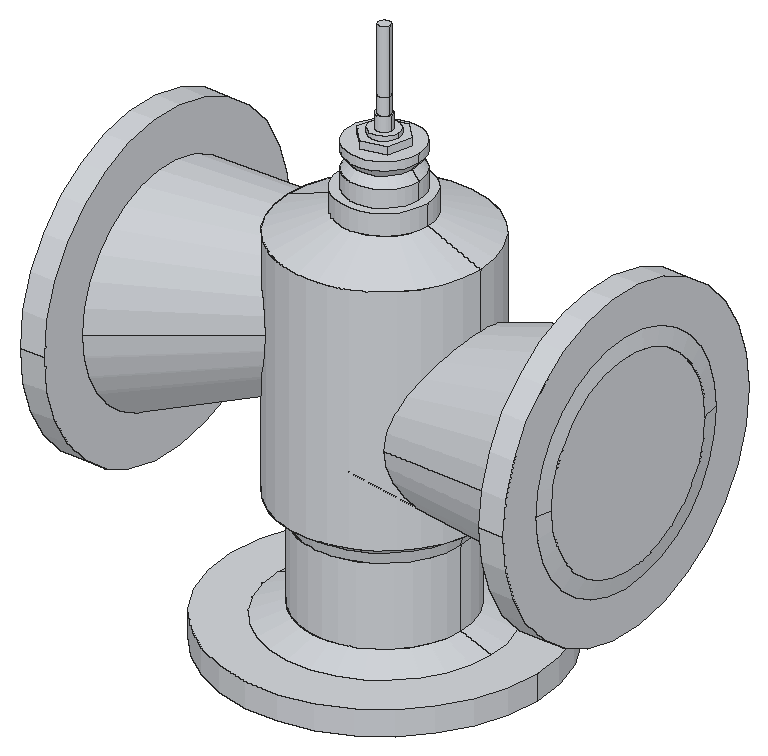
Revit family "3FGB_PN16_DN100_RFA_2018", category Pipe Accessories, Revit 2018
Family settings
  Round Connector Dimension = Use Diameter
  Part Type = Valve - Breaks Into
  Work Plane-Based = No
  Always vertical = Yes
  Cut with Voids When Loaded = No
  Shared = No
Parameters (values of type "3FGB PN16 DN100")
  magiProductId = ""
  magiProductFamilyId = ""
  magiPartTypeId = 320
  isMeasuringValve [instance] = no
  ang2D [instance] = 0.00°
  Z9 = 4.165 mm
  Z8 = 5.602 mm
  Z7 = 3 mm
  Z6 = 5.95 mm
  Z5 = 5.95 mm
  Z4 = 11.9 mm
  Z3 = 166.225 mm
  Z19 = 9.767 mm
  Z18 = 29.25 mm
  Z17 = 4.5 mm
  Z16 = 11.25 mm
  Z15 = 40.775 mm
  Z14__ve = -Z14  # -14.562 mm
  Z14 = 14.562 mm
  Z13 = 7.885 mm
  Z12 = 55.195 mm
  Z11 = 72 mm
  Z10 = 5.082 mm
  Y1 = 62.28 mm
  X4 = 17.3 mm
  X3 = 27.68 mm
  X2__ve = -X2  # -17.3 mm
  X2 = 17.3 mm
  X1 = 2 mm
  W2D = 100 mm
  VersionID = ""
  Use Minimum Symbol Size [instance] = no
  URL = "www.hydronix.cz"
  Type Comments = "Přírubový; EQM charakteristika ve směru A-AB; PN16; -10~+150°C"
  R9 = 4 mm
  R8 = 7.567 mm
  R7 = 10.089 mm
  R6 = 16.816 mm
  R5 = 19.93 mm
  R4 = 24.912 mm
  R3 = 31.14 mm
  R2 = 57.375 mm
  R13 = 55.08 mm
  R12 = 5.297 mm
  R11 = 10.215 mm
  R10 = 6.81 mm
  R1 = 45.9 mm
  QmdConnectorList = "301;D;302;D;303;D"
  Productdata [instance] = ""
  N = 8
  Manufacturer = "Hydronix"
  Maintenance Zone Under Depth [instance] = 207 mm
  Maintenance Zone Right Depth [instance] = 175 mm
  Maintenance Zone Over Depth [instance] = 221 mm
  Maintenance Zone Left Depth [instance] = 175 mm
  Maintenance Zone Front Depth [instance] = 110 mm
  Maintenance Zone Back Depth [instance] = 110 mm
  Maintenance Zone Front Visibility [instance] = no
  MT = 2
  MC Product Code = "3FGB100 (DN100; PN16; kvs130)"
  MC = yes
  LT2 = 175 mm
  L2D_Min = 30.48 mm
  L2D = 350 mm
  L = 350 mm
  HD = 18 mm
  HCDT2 = 76.5 mm
  HCD = 180 mm
  H4 = 175 mm
  H3 = 116.5 mm
  H2 = 45 mm
  H1 = 176 mm
  FDT2 = 110 mm
  FD = 220 mm
  Description = "3 cestný regulační ventil přírubový; DN100; PN16; kvs130; zdvih 45mm"
  DT2 = 50 mm
  D4 = 68.85 mm
  D3 = 81 mm
  D2 = 69.2 mm
  D = 100 mm
  CenSd_R6_6 = R6 * cos(30.00°)  # 14.563 mm
  Clearance Zone Height Depth [instance] = 221 mm
  Clearance Zone Circular Radius [instance] = 175 mm
  Clearance Zone Visibility [instance] = no
  CAT0 = yes
  CAT = no
  Assembly Code = ""
  A1 = 132.98 mm
Types (5, lengths in mm): name | Z9 | Z8 | Z6 | Z5 | Z4 | Z3 | Z19 | Z18 | Z17 | Z16 | Z15 | Z14__ve | Z14 | Z13 | Z12 | Z11 | Z10 | Y1 | X4 | X3 | X2__ve | X2 | W2D | R8 | R7 | R6 | R5 | R4 | R3 | R2 | R13 | R12 | R11 | R10 | R1 | N | Maintenance Zone Under Depth | Maintenance Zone Right Depth | Maintenance Zone Over Depth | Maintenance Zone Left Depth | Maintenance Zone Front Depth | Maintenance Zone Back Depth | MC Product Code | LT2 | L2D | L | HD | HCDT2 | HCD | H4 | H3 | H2 | H1 | FDT2 | FD | Description | DT2 | D4 | D3 | D2 | D | CenSd_R6_6 | Clearance Zone Height Depth | Clearance Zone Circular Radius | A1
  3FGB PN16 DN100 | 4.165 | 5.602 | 5.95 | 5.95 | 11.9 | 166.225 | 9.767 | 29.25 | 4.5 | 11.25 | 40.775 | -14.562 | 14.562 | 7.885 | 55.195 | 72 | 5.082 | 62.28 | 17.3 | 27.68 | -17.3 | 17.3 | 100 | 7.567 | 10.089 | 16.816 | 19.93 | 24.912 | 31.14 | 57.375 | 55.08 | 5.297 | 10.215 | 6.81 | 45.9 | 8 | 207 | 175 | 221 | 175 | 110 | 110 | "3FGB100 (DN100; PN16; kvs130)" | 175 | 350 | 350 | 18 | 76.5 | 180 | 175 | 116.5 | 45 | 176 | 110 | 220 | "3 cestný regulační ventil přírubový; DN100; PN16; kvs130; zdvih 45mm" | 50 | 68.85 | 81 | 69.2 | 100 | 14.563 | 221 | 175 | 132.98
  3FGB PN16 DN125 | 4.2 | 5.7 | 6 | 6 | 12 | 194.35 | 9.9 | 29.25 | 4.5 | 11.25 | 48.65 | -17.375 | 17.375 | 9.01 | 63.07 | 84 | 5.1 | 71.28 | 19.8 | 31.68 | -19.8 | 19.8 | 125 | 8.661 | 11.547 | 19.246 | 22.81 | 28.512 | 35.64 | 68.625 | 65.88 | 6.062 | 11.692 | 7.794 | 54.9 | 8 | 234 | 200 | 244 | 200 | 125 | 125 | "3FGB125 (DN125; PN16; kvs200)" | 200 | 400 | 400 | 18 | 91.5 | 210 | 200 | 139 | 45 | 199 | 125 | 250 | "3 cestný regulační ventil přírubový; DN125; PN16; kvs200; zdvih 45mm" | 62.5 | 81.6 | 96 | 79.2 | 125 | 16.667 | 244 | 200 | 155.48
  3FGB PN16 DN150 | 4.2 | 5.7 | 6 | 6 | 12 | 225.85 | 9.9 | 29.25 | 4.5 | 11.25 | 54.95 | -19.625 | 19.625 | 10.81 | 75.67 | 96 | 5.1 | 85.68 | 23.8 | 38.08 | -23.8 | 23.8 | 150 | 10.41 | 13.88 | 23.134 | 27.418 | 34.272 | 42.84 | 77.625 | 74.52 | 7.287 | 14.054 | 9.369 | 62.1 | 8 | 277 | 240 | 262 | 240 | 142.5 | 142.5 | "3FGB150 (DN150; PN16; kvs300)" | 240 | 480 | 480 | 22 | 103.5 | 240 | 240 | 157 | 45 | 217 | 142.5 | 285 | "3 cestný regulační ventil přírubový; DN150; PN16; kvs300; zdvih 45mm" | 75 | 92.65 | 109 | 95.2 | 150 | 20.034 | 262 | 240 | 180.68
  3FGB PN16 DN065 | 4.2 | 5.7 | 6 | 6 | 12 | 136.6 | 9.9 | 16.25 | 2.5 | 6.25 | 33.25 | -11.875 | 11.875 | 6.535 | 45.745 | 58 | 5.1 | 51.48 | 14.3 | 22.88 | -14.3 | 14.3 | 65 | 6.255 | 8.34 | 13.9 | 16.474 | 20.592 | 25.74 | 44.25 | 42.48 | 4.378 | 8.444 | 5.629 | 35.4 | 4 | 175 | 145 | 180 | 145 | 92.5 | 92.5 | "3FGB65 (DN65; PN16; kvs63)" | 145 | 290 | 290 | 18 | 59 | 145 | 145 | 95 | 25 | 155 | 92.5 | 185 | "3 cestný regulační ventil přírubový; DN65; PN16; kvs63; zdvih 25mm" | 32.5 | 53.975 | 63.5 | 57.2 | 65 | 12.037 | 180 | 145 | 109.28
  3FGB PN16 DN080 | 4.2 | 5.7 | 6 | 6 | 12 | 148.6 | 9.9 | 29.25 | 4.5 | 11.25 | 36.75 | -13.125 | 13.125 | 6.985 | 48.895 | 64 | 5.1 | 55.08 | 15.3 | 24.48 | -15.3 | 15.3 | 80 | 6.692 | 8.923 | 14.872 | 17.626 | 22.032 | 27.54 | 49.875 | 47.88 | 4.685 | 9.034 | 6.023 | 39.9 | 4 | 187 | 155 | 210 | 155 | 100 | 100 | "3FGB80 (DN80; PN16; kvs100)" | 155 | 310 | 310 | 18 | 66.5 | 160 | 155 | 105 | 45 | 165 | 100 | 200 | "3 cestný regulační ventil přírubový; DN80; PN16; kvs100; zdvih 45mm" | 40 | 60.35 | 71 | 61.2 | 80 | 12.879 | 210 | 155 | 118.88
Reference planes
  plane 1 "Center (Front/Back)": y = 0
  plane 2 "XYPLANE": z = 0
  plane 3 "Center (Left/Right)": x = 0
  plane 4 "227": z = -207
  plane 5 "226": y = 110
  plane 6 "225": y = -110
  plane 7 "224": x = 175
  plane 8 "223": x = -175
  plane 9 "222": z = 221
  plane 10 "182": z = 176
  plane 11 "161": z = 164.1
  plane 12 "158": z = 158.498
  plane 13 "150": z = 154.333
  plane 14 "148": z = 151.333
  plane 15 "142": z = 146.25
  plane 16 "136": z = 140.3
  plane 17 "135": z = 134.35
  plane 18 "131": z = 128.4
  plane 19 "78": z = 87.375
  plane 20 "77": z = 101.937
  plane 21 "74": z = 116.5
  plane 22 "70": z = -78.85
  plane 23 "65": z = -86.735
  plane 24 "64": z = -94.62
  plane 25 "58": z = -149.815
  plane 26 "57": z = -157.7
  plane 27 "46": z = -175
  plane 28 "28": x = 155.7
  plane 29 "27": x = 173
  plane 30 "21": z = -20
  plane 31 "16": z = 40.775
  plane 32 "13": x = -155.7
  plane 33 "7": x = -173
  plane 34 "6": x = 175
  plane 35 "5": x = -175
  plane 36 "3": y = 0
  plane 37 "2": z = 0
  plane 38 "1": x = 0
Forms (mm)
  Extrusion 1, solid, visible <- "Clearance Zone Visibility"
    sketch origin (-750, 0, 0) x (1, 0, 0) y (0, 1, 0)
      loop
        circle (750, 0) r 175
    from 0 to 221 <- "Clearance Zone Height Depth"
  Blend 2, solid, visible <- "Maintenance Zone Front Visibility"
    base sketch origin (-750, 0, 221) x (1, 0, 0) y (0, 1, 0)
      loop
        line (575, 110) -> (575, -110) -> (925, -110) -> (925, 110) -> (575, 110)
    top sketch origin (-750, 0, 221) x (1, 0, 0) y (0, 1, 0)
      loop
        line (575, 110) -> (575, -110) -> (925, -110) -> (925, 110) -> (575, 110)
    from 0 to -428
  Extrusion 3, solid
    sketch origin (-750, 0, 154.333) x (1, 0, 0) y (0, 1, 0)
      loop
        circle (750, 0) r 5.297
    from 0 to 9.767 <- "Z19"
  Extrusion 4, solid
    sketch origin (-750, 0, 176) x (1, 0, 0) y (0, 1, 0)
      loop
        circle (750, 0) r 4
    from 0 to 45 <- "H2"
  Extrusion 5, solid
    sketch origin (-750, 0, 164.1) x (1, 0, 0) y (0, 1, 0)
      loop
        circle (750, 0) r 4
    from 0 to 11.9 <- "Z4"
  Extrusion 6, solid
    sketch origin (-750, 0, 151.333) x (1, 0, 0) y (0, 1, 0)
      loop
        circle (750, 0) r 10.089
    from 0 to 3 <- "Z7"
  Extrusion 7, solid
    sketch origin (-750, 0, 146.25) x (1, 0, 0) y (0, 1, 0)
      loop
        line (761.89, -11.89) -> (766.243, 4.352) -> (754.352, 16.243) -> (738.11, 11.89) -> (733.757, -4.352) -> (745.648, -16.243) -> (761.89, -11.89)
    from 0 to 5.082 <- "Z10"
  Extrusion 8, solid
    sketch origin (-750, 0, 140.3) x (1, 0, 0) y (0, 1, 0)
      loop
        circle (750, 0) r 24.912
    from 0 to 5.95 <- "Z6"
  Blend 9, solid
    base sketch origin (-750, 0, 134.35) x (1, 0, 0) y (0, 1, 0)
      loop
        circle (750, 0) r 19.93
    top sketch origin (-750, 0, 134.35) x (1, 0, 0) y (0, 1, 0)
      loop
        circle (750, 0) r 24.912
    from 0 to 5.95
  Blend 10, solid
    base sketch origin (-750, 0, 128.4) x (1, 0, 0) y (0, 1, 0)
      loop
        circle (750, 0) r 24.912
    top sketch origin (-750, 0, 128.4) x (1, 0, 0) y (0, 1, 0)
      loop
        circle (750, 0) r 19.93
    from 0 to 5.95
  Extrusion 11, solid
    sketch origin (-750, 0, 116.5) x (1, 0, 0) y (0, 1, 0)
      loop
        circle (750, 0) r 24.912
    from 0 to 11.9 <- "Z4"
  Extrusion 12, solid
    sketch origin (-750, 0, 116.5) x (1, 0, 0) y (0, 1, 0)
      loop
        circle (750, 0) r 31.14
    from 0 to -14.562 <- "Z14__ve"
  Blend 13, solid
    base sketch origin (-750, 0, 87.375) x (1, 0, 0) y (0, 1, 0)
      loop
        circle (750, 0) r 69.2
    top sketch origin (-750, 0, 87.375) x (1, 0, 0) y (0, 1, 0)
      loop
        circle (750, 0) r 31.14
    from 0 to 14.563
  Blend 14, solid
    base sketch origin (-750, 0, -86.735) x (1, 0, 0) y (0, 1, 0)
      loop
        circle (750, 0) r 57.375
    top sketch origin (-750, 0, -86.735) x (1, 0, 0) y (0, 1, 0)
      loop
        circle (750, 0) r 69.2
    from 0 to 7.885
  Blend 15, solid
    base sketch origin (-750, 0, -94.62) x (1, 0, 0) y (0, 1, 0)
      loop
        circle (750, 0) r 55.08
    top sketch origin (-750, 0, -94.62) x (1, 0, 0) y (0, 1, 0)
      loop
        circle (750, 0) r 57.375
    from 0 to 7.885
  Extrusion 16, solid
    sketch origin (-750, 0, -149.815) x (1, 0, 0) y (0, 1, 0)
      loop
        circle (750, 0) r 55.08
    from 0 to 55.195 <- "Z12"
  Blend 17, solid
    base sketch origin (-750, 0, -157.7) x (1, 0, 0) y (0, 1, 0)
      loop
        circle (750, 0) r 76.5
    top sketch origin (-750, 0, -157.7) x (1, 0, 0) y (0, 1, 0)
      loop
        circle (750, 0) r 55.08
    from 0 to 7.885
  Extrusion 18, solid
    sketch origin (-750, 0, -175) x (1, 0, 0) y (0, 1, 0)
      loop
        circle (750, 0) r 110
    from 0 to 17.3 <- "X4"
  Blend 19, solid
    base sketch origin (173, -750, 0) x (0, 1, 0) y (0, 0, 1)
      loop
        circle (750, 0) r 81
    top sketch origin (173, -750, 0) x (0, 1, 0) y (0, 0, 1)
      loop
        circle (750, 0) r 68.85
    from 0 to 2
  Blend 20, solid
    base sketch origin (-175, -750, 0) x (0, 1, 0) y (0, 0, 1)
      loop
        circle (750, 0) r 68.85
    top sketch origin (-175, -750, 0) x (0, 1, 0) y (0, 0, 1)
      loop
        circle (750, 0) r 81
    from 0 to 2
  Extrusion 21, solid
    sketch origin (173, -750, 0) x (0, 1, 0) y (0, 0, 1)
      loop
        circle (750, 0) r 110
    from 0 to -17.3 <- "X2__ve"
  Blend 22, solid
    base sketch origin (0, -750, 0) x (0, 1, 0) y (0, 0, 1)
      loop
        circle (750, -20) r 45.9
    top sketch origin (0, -750, 0) x (0, 1, 0) y (0, 0, 1)
      loop
        circle (750, 0) r 76.5
    from 0 to 155.7
  Extrusion 23, solid
    sketch origin (-750, 0, -78.85) x (1, 0, 0) y (0, 1, 0)
      loop
        circle (750, 0) r 69.2
    from 0 to 166.225 <- "Z3"
  Blend 24, solid
    base sketch origin (-155.7, -750, 0) x (0, 1, 0) y (0, 0, 1)
      loop
        circle (750, 0) r 76.5
    top sketch origin (-155.7, -750, 0) x (0, 1, 0) y (0, 0, 1)
      loop
        circle (750, 40.775) r 45.9
    from 0 to 155.7
  Extrusion 25, solid
    sketch origin (-173, -750, 0) x (0, 1, 0) y (0, 0, 1)
      loop
        circle (750, 0) r 110
    from 0 to 17.3 <- "X2"
  Extrusion 26, solid, not visible
    sketch origin (-750, 0, -175) x (1, 0, 0) y (0, 1, 0)
      loop
        circle (750, 0) r 10
    from 0 to 10
  Extrusion 27, solid, not visible
    sketch origin (175, -750, 0) x (0, 1, 0) y (0, 0, 1)
      loop
        circle (750, 0) r 10
    from 0 to -10
  Extrusion 28, solid, not visible
    sketch origin (-175, -750, 0) x (0, 1, 0) y (0, 0, 1)
      loop
        circle (750, 0) r 10
    from 0 to 10
Lines and regions (mm)
  reference lines, not visible
    curve 1: circle (2, 2, 0) r 1 normal (0, 0, 1)
  reference lines
    curve 2: line (0, 0, 146.25) -> (2.176, 8.121, 146.25)
    curve 3: line (0, 0, 146.25) -> (-5.945, 5.945, 146.25)
    curve 4: line (0, 0, 146.25) -> (-8.121, -2.176, 146.25)
Dimensions and locks
  plane 1 "Center (Front/Back)" to curve 1 = 2 mm
  "Maintenance Zone Under Depth": plane 2 "XYPLANE" to plane 4 "227"
  "Maintenance Zone Back Depth": plane 1 "Center (Front/Back)" to plane 5 "226"
  "Maintenance Zone Front Depth": plane 1 "Center (Front/Back)" to plane 6 "225"
  "Maintenance Zone Right Depth": plane 3 "Center (Left/Right)" to plane 7 "224"
  "Maintenance Zone Left Depth": plane 3 "Center (Left/Right)" to plane 8 "223"
  "Maintenance Zone Over Depth": plane 2 "XYPLANE" to plane 9 "222"
  "Z4": plane 11 "161" to plane 10 "182"
  "Z8": plane 12 "158" to plane 11 "161"
  "Z9": plane 13 "150" to plane 12 "158"
  "Z7": plane 14 "148" to plane 13 "150"
  "Z10": plane 15 "142" to plane 14 "148"
  "Z6": plane 16 "136" to plane 15 "142"
  "Z5": plane 17 "135" to plane 16 "136"
  "Z5": plane 18 "131" to plane 17 "135"
  "Z4": plane 21 "74" to plane 18 "131"
  "Z14": plane 20 "77" to plane 19 "78"
  "Z14": plane 21 "74" to plane 20 "77"
  "H3": plane 2 "XYPLANE" to plane 21 "74"
  "Z13": plane 23 "65" to plane 22 "70"
  "Z13": plane 24 "64" to plane 23 "65"
  "Z12": plane 25 "58" to plane 24 "64"
  "Z13": plane 26 "57" to plane 25 "58"
  "X4": plane 27 "46" to plane 26 "57"
  "H4": plane 2 "XYPLANE" to plane 27 "46"
  "X2": plane 29 "27" to plane 28 "28"
  "X1": plane 34 "6" to plane 29 "27"
  locked: plane 37 "2" to plane 30 "21" at 20
  "Z15": plane 37 "2" to plane 31 "16"
  "X2": plane 33 "7" to plane 32 "13"
  "X1": plane 35 "5" to plane 33 "7"
  "LT2": plane 3 "Center (Left/Right)" to plane 34 "6"
  "LT2": plane 3 "Center (Left/Right)" to plane 35 "5"
  locked: plane 1 "Center (Front/Back)" to plane 36 "3"
  locked: plane 2 "XYPLANE" to plane 37 "2"
  locked: plane 3 "Center (Left/Right)" to plane 38 "1"
  Blend 2 sketch curve to Blend 2 sketch curve = 0 mm  (x16)
  "CenSd_R6_6": curve 2 to Extrusion 7 sketch curve  (x2)
  "CenSd_R6_6": curve 3 to Extrusion 7 sketch curve  (x2)
  "CenSd_R6_6": curve 4 to Extrusion 7 sketch curve  (x2)
  Extrusion 7 sketch curve to Extrusion 7 sketch curve = 0 mm  (x12)
  "Clearance Zone Circular Radius": radius of Extrusion 1 sketch curve
  "R12": radius of Extrusion 3 sketch curve
  "R9": radius of Extrusion 4 sketch curve
  "R9": radius of Extrusion 5 sketch curve
  "R7": radius of Extrusion 6 sketch curve
  "R4": radius of Extrusion 8 sketch curve
  "R4": radius of Blend 9 sketch curve
  "R5": radius of Blend 9 sketch curve
  "R5": radius of Blend 10 sketch curve
  "R4": radius of Blend 10 sketch curve
  "R4": radius of Extrusion 11 sketch curve
  "R3": radius of Extrusion 12 sketch curve
  "R3": radius of Blend 13 sketch curve
  "D2": radius of Blend 13 sketch curve
  "D2": radius of Blend 14 sketch curve
  "R2": radius of Blend 14 sketch curve
  "R2": radius of Blend 15 sketch curve
  "R13": radius of Blend 15 sketch curve
  "R13": radius of Extrusion 16 sketch curve
  "R13": radius of Blend 17 sketch curve
  "HCDT2": radius of Blend 17 sketch curve
  "FDT2": radius of Extrusion 18 sketch curve
  "D4": radius of Blend 19 sketch curve
  "D3": radius of Blend 19 sketch curve
  "D3": radius of Blend 20 sketch curve
  "D4": radius of Blend 20 sketch curve
  "FDT2": radius of Extrusion 21 sketch curve
  "HCDT2": radius of Blend 22 sketch curve
  "R1": radius of Blend 22 sketch curve
  "D2": radius of Extrusion 23 sketch curve
  "R1": radius of Blend 24 sketch curve
  "HCDT2": radius of Blend 24 sketch curve
  "FDT2": radius of Extrusion 25 sketch curve
  locked: curve 3 to curve 2 (angle 60.00°)
  locked: curve 4 to curve 3 (angle 60.00°)
  locked: curve 4 to curve 2 (angle 120.00°)
  aligned and locked: level to plane 2 "XYPLANE"
  aligned and locked: plane 36 "3" to Extrusion 1 sketch curve
  aligned and locked: plane 38 "1" to Extrusion 1 sketch curve
  aligned and locked: Blend 2 sketch curve to plane 8 "223"  (x2)
  aligned and locked: plane 5 "226" to Blend 2 sketch curve  (x4)
  aligned and locked: plane 6 "225" to Blend 2 sketch curve  (x4)
  aligned and locked: plane 8 "223" to Blend 2 sketch curve  (x2)
  aligned and locked: plane 7 "224" to Blend 2 sketch curve  (x4)
  aligned and locked: Blend 2 to plane 4 "227"
  aligned and locked: plane 36 "3" to Extrusion 3 sketch curve
  aligned and locked: plane 38 "1" to Extrusion 3 sketch curve
  aligned and locked: plane 36 "3" to Extrusion 4 sketch curve
  aligned and locked: plane 38 "1" to Extrusion 4 sketch curve
  aligned and locked: plane 36 "3" to Extrusion 5 sketch curve
  aligned and locked: plane 38 "1" to Extrusion 5 sketch curve
  aligned and locked: plane 36 "3" to Extrusion 6 sketch curve
  aligned and locked: plane 38 "1" to Extrusion 6 sketch curve
  aligned and locked: plane 36 "3" to curve 3
  aligned and locked: plane 38 "1" to curve 4
  aligned and locked: plane 36 "3" to Extrusion 8 sketch curve
  aligned and locked: plane 38 "1" to Extrusion 8 sketch curve
  aligned and locked: plane 36 "3" to Blend 9 sketch curve  (x2)
  aligned and locked: plane 38 "1" to Blend 9 sketch curve  (x2)
  aligned and locked: plane 16 "136" to Blend 9
  aligned and locked: plane 36 "3" to Blend 10 sketch curve  (x2)
  aligned and locked: plane 38 "1" to Blend 10 sketch curve  (x2)
  aligned and locked: plane 17 "135" to Blend 10
  aligned and locked: plane 36 "3" to Extrusion 11 sketch curve
  aligned and locked: plane 38 "1" to Extrusion 11 sketch curve
  aligned and locked: plane 36 "3" to Extrusion 12 sketch curve
  aligned and locked: plane 38 "1" to Extrusion 12 sketch curve
  aligned and locked: plane 36 "3" to Blend 13 sketch curve  (x2)
  aligned and locked: plane 38 "1" to Blend 13 sketch curve  (x2)
  aligned and locked: plane 20 "77" to Blend 13
  aligned and locked: plane 36 "3" to Blend 14 sketch curve  (x2)
  aligned and locked: plane 38 "1" to Blend 14 sketch curve  (x2)
  aligned and locked: plane 22 "70" to Blend 14
  aligned and locked: plane 36 "3" to Blend 15 sketch curve  (x2)
  aligned and locked: plane 38 "1" to Blend 15 sketch curve  (x2)
  aligned and locked: plane 23 "65" to Blend 15
  aligned and locked: plane 36 "3" to Extrusion 16 sketch curve
  aligned and locked: plane 38 "1" to Extrusion 16 sketch curve
  aligned and locked: plane 36 "3" to Blend 17 sketch curve  (x2)
  aligned and locked: plane 38 "1" to Blend 17 sketch curve  (x2)
  aligned and locked: plane 25 "58" to Blend 17
  aligned and locked: plane 36 "3" to Extrusion 18 sketch curve
  aligned and locked: plane 38 "1" to Extrusion 18 sketch curve
  aligned and locked: Blend 19 sketch curve to plane 36 "3"  (x2)
  aligned and locked: plane 37 "2" to Blend 19 sketch curve  (x2)
  aligned and locked: plane 34 "6" to Blend 19
  aligned and locked: Blend 20 sketch curve to plane 36 "3"  (x2)
  aligned and locked: plane 37 "2" to Blend 20 sketch curve  (x2)
  aligned and locked: plane 33 "7" to Blend 20
  aligned and locked: Extrusion 21 sketch curve to plane 36 "3"
  aligned and locked: plane 37 "2" to Extrusion 21 sketch curve
  aligned and locked: Blend 22 sketch curve to plane 36 "3"  (x2)
  aligned and locked: plane 37 "2" to Blend 22 sketch curve
  aligned and locked: plane 30 "21" to Blend 22 sketch curve
  aligned and locked: plane 28 "28" to Blend 22
  aligned and locked: plane 36 "3" to Extrusion 23 sketch curve
  aligned and locked: plane 38 "1" to Extrusion 23 sketch curve
  aligned and locked: plane 31 "16" to Blend 24 sketch curve
  aligned and locked: plane 36 "3" to Blend 24 sketch curve
  aligned and locked: Blend 24 sketch curve to plane 36 "3"
  aligned and locked: plane 37 "2" to Blend 24 sketch curve
  aligned and locked: plane 38 "1" to Blend 24
  aligned and locked: Extrusion 25 sketch curve to plane 36 "3"
  aligned and locked: plane 37 "2" to Extrusion 25 sketch curve
  aligned and locked: plane 36 "3" to Extrusion 26 sketch curve
  aligned and locked: plane 38 "1" to Extrusion 26 sketch curve
  aligned and locked: Extrusion 27 sketch curve to plane 36 "3"
  aligned and locked: plane 37 "2" to Extrusion 27 sketch curve
  aligned and locked: Extrusion 28 sketch curve to plane 36 "3"
  aligned and locked: plane 37 "2" to Extrusion 28 sketch curve
Automatic sketch dimensions
  plane 1 "Center (Front/Back)" to curve 4 = 2.176 mm
  plane 1 "Center (Front/Back)" to Extrusion 26 sketch curve = 10 mm
  plane 1 "Center (Front/Back)" to Extrusion 27 sketch curve = 10 mm
  plane 1 "Center (Front/Back)" to Extrusion 28 sketch curve = 10 mm
  plane 3 "Center (Left/Right)" to curve 1 = 2 mm
  radius of curve 1 = 1 mm
Connectors
  piping at (-175, 0, 0), diameter 100, driven by "D"
    settings: on Extrusion 28, index 1, connector inside diameter 609.6 mm, connector length 0 mm, flow factor 0, pipe flow 0.0 L/s, pressure drop 0.0 Pa, fitting loss kfactor 0, connector angle 0.00°, fixture units 0, engagement length 0 mm, angle of deflection 0.00°, flow configuration 0, flow direction 0, fitting loss method 0, system type 29, joint type 0, gender type 0, connector reference index -1, connector utility 0, adjustable connector yes, is connector primary yes, connector description ""
  piping at (175, 0, 0), diameter 100, driven by "D"
    settings: on Extrusion 27, index 2, connector inside diameter 609.6 mm, connector length 0 mm, flow factor 0, pipe flow 0.0 L/s, pressure drop 0.0 Pa, fitting loss kfactor 0, connector angle 0.00°, fixture units 0, engagement length 0 mm, angle of deflection 0.00°, flow configuration 0, flow direction 0, fitting loss method 0, system type 29, joint type 0, gender type 0, connector reference index -1, connector utility 0, adjustable connector yes, is connector primary no, connector description ""
  piping at (0, 0, -175), diameter 100, driven by "D"
    settings: on Extrusion 26, index 3, connector inside diameter 609.6 mm, connector length 0 mm, flow factor 0, pipe flow 0.0 L/s, pressure drop 0.0 Pa, fitting loss kfactor 0, connector angle 0.00°, fixture units 0, engagement length 0 mm, angle of deflection 0.00°, flow configuration 0, flow direction 0, fitting loss method 0, system type 29, joint type 0, gender type 0, connector reference index -1, connector utility 0, adjustable connector yes, is connector primary no, connector description ""
